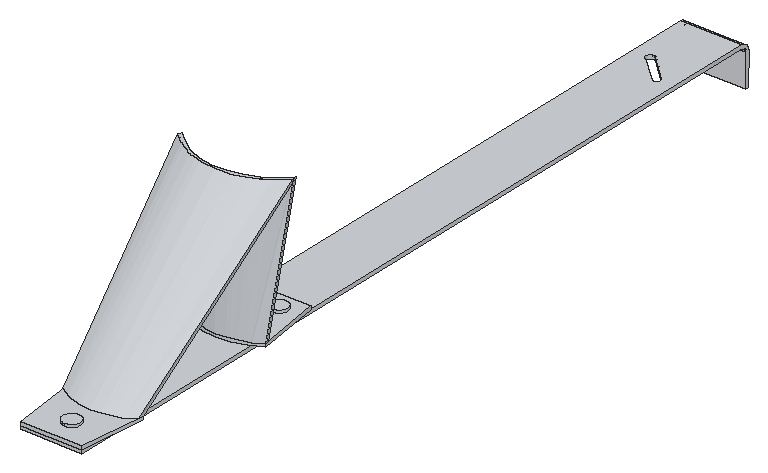
Revit family "Construction_Roof-Accessories_TRA-Snow-Sun_Snow-Bracket-A-Apex", category Specialty Equipment, host Face, Revit 2026
Family settings
  Host = Face
  Round Connector Dimension = Use Diameter
  Part Type = Normal
  Classification Number = 23.35.20.31.27.14
  Enable Cutting in Views = No
  Cut with Voids When Loaded = No
  Maintain Annotation Orientation = No
  Shared = No
  Room Calculation Point = No
Parameters (values of type "Snow Bracket A Apex")
  z_One [instance] = not(z_Array)  # yes
  z_Number of Сlamps Real [instance] = rounddown(z_Length / z_Horizontal Spacing + 1)  # 1
  z_Number of Сlamps [instance] = if(z_Length / z_Horizontal Spacing + 1 < 2, 2, rounddown(z_Length / z_Horizontal Spacing + 1))  # 2
  z_Length [instance] = if(Overall Length < 0.00", 0.00", Overall Length)  # 0.00"
  z_Installation Offset = if(Installation Offset < 0.00", 0.00", Installation Offset)  # 0.00"
  z_Horizontal Spacing [instance] = if(Horizontal Spacing < 2.50", 2.50", Horizontal Spacing)  # 2.50"
  z_Array [instance] = if(z_Number of Сlamps Real < 2, 1 = 2, 1 = 1)  # no
  Width = 2.25"  # constant formula
  Weight = 0.63 lbf  # constant formula
  Version = 1
  URL = "https://trasnowandsun.com/"
  Product data url = "https://bimobject.com/tra-snow-and-sun/product/snow-bracket-a-apex"
  Product Page URL = "https://trasnowandsun.com/product/snow-bracket-a-apex/"
  Product Documentation Link = "https://trasnowandsun.com/wp-content/uploads/Snow_Bracket_A_Apex_PDS-1.pdf"
  Overall Length Note [instance] = "To show a single Bracket in the Row, please set Overall Length less than Horizontal Spacing"  # constant formula
  Overall Length [instance] = 0.00"
  Number of Сlamps [instance] = if(Overall Length < Horizontal Spacing, 1, if(and(z_Length > z_Horizontal Spacing, z_Length < z_Horizontal Spacing * 2), 2, z_Number of Сlamps))  # 2
  Model = "Snow Bracket A Apex"
  Material Type Selection [instance] = 1
  Material Type [instance] = if(or(Material Type Selection < 1, Material Type Selection > 3), "Please Select integer between 1-3", if(Material Type Selection = 1, "Zinc Coated Steel: 16 ga (ASTM A653)", if(Material Type Selection = 2, "Copper: 48 oz (ASTM B152)", if(Material Type Selection = 3, "Stainless Steel: 16 ga (ASTM A240)", "Zinc Coated Steel: 16 ga (ASTM A653)"))))  # "Zinc Coated Steel: 16 ga (ASTM A653)"
  Material Note [instance] = "Pure metal as well as powder color coatings are available. When you choose Pure Metal as a finish, please make sure you match the selected material under the Material Type Selection parameter."  # constant formula
  Manufacturer = "TRA Snow & Sun"
  Length = 16.27"  # constant formula
  Installation Offset = 0.00"
  Horizontal Spacing [instance] = 0.00"
  Height = 3.74"  # constant formula
  Finish Material [instance] = TRA Snow & Sun - Finish - Zinc Plated Steel
  Description = "Snow Bracket A Apex - Used on: New construction concrete tiles which are installed using horizontal battens. Specifically – Eagle, Boral, Hanson, and other similar tiles"  # constant formula
  Default Elevation = 48.00"
  Date Updated = ""
  Date Created = "2024/05/17"
Reference planes (in)
  plane 1 "Center (Front/Back)": y = 0
  plane 2: z = 0
  plane 3 "Center (Left/Right)": x = 0
  plane 4: x = 0
  plane 5: x = 2.5
  plane 6 "1": z = 0
Dimensions and locks (in)
  "Overall Length": plane 3 "Center (Left/Right)" to plane 4
  "z_Horizontal Spacing": plane 3 "Center (Left/Right)" to plane 5
  group 1 to group 2 = 2.50"
  group 1 to group 2 = 0.00"  (x2)
  "z_Installation Offset": plane 6 "1" to level
  aligned and locked: plane 2 to host face
  aligned and locked: level to host face
  aligned and locked: plane 3 "Center (Left/Right)" to nested 1
  aligned and locked: plane 3 "Center (Left/Right)" to nested 2
  aligned and locked: nested 3 to plane 5
Automatic sketch dimensions
  host sketch curve to host sketch curve = 62.6937"
  host sketch curve to host sketch curve = 52.30486"
Nested families (in)
  nested 1: "Snow Bracket A Apex" at (0, -8.071, 0), visible <- "z_One", type "Snow Bracket A Apex"
  nested 2: "Snow Bracket A Apex" at (0, -8.071, 0), visible <- "z_Array", type "Snow Bracket A Apex"
  nested 3: "Snow Bracket A Apex" at (2.5, -8.071, 0), visible <- "z_Array", type "Snow Bracket A Apex"
Definition of nested family "Snow Bracket A Apex"
  Parameters (values of type "Snow Bracket A Apex")
    Width = 2.25"
    Length = 16.27"
    Height = 3.74"
    Finish Material = none
    Default Elevation = 48.00"
  Reference planes (in)
    plane 1 "Center (Front/Back)": y = 0
    plane 2: z = 0
    plane 3 "Center (Left/Right)": x = 0
    plane 4: x = -1.125
    plane 5: x = 1.125
    plane 6: y = 8.135
    plane 7: y = -8.135
    plane 8: z = 3
  Forms (in)
    Extrusion 1, solid
      sketch origin (0, 0, 0) x (1, 0, 0) y (0, 1, 0)
        loop
          line (-48, 48) -> (-48, -48) -> (48, -48) -> (48, 48) -> (-48, 48)
      from 0 to -12
    Extrusion 2, solid, material <- "Finish Material", detail levels medium+fine
      sketch origin (0, 0, 0) x (0, 1, 0) y (0, 0, 1)
        loop
          line (-8.135, 0) -> (7.97912, 0)
          arc (7.97912, 0) -> (8.04409, -0.02691) -> (8.071, -0.09188) r 0.09188
          line (8.071, -0.09188) -> (8.071, -0.74) -> (8.135, -0.74) -> (8.135, -0.086)
          arc (8.135, -0.086) -> (8.09107, 0.02007) -> (7.985, 0.064) r 0.15
          line (7.985, 0.064) -> (-8.135, 0.064) -> (-8.135, 0)
      from -0.6 to 0.6
    Extrusion 3, solid, material <- "Finish Material", detail levels medium+fine
      sketch origin (0, 8.135, 0.064) x (0, -1, 0) y (1, 0, 0)
        loop
          line (16.27, -0.6) -> (16.27, 0.6) -> (14.97672, 0.75059)
          arc (14.97672, 0.75059) -> (15.23298, -0.00184) -> (14.9688, -0.75152) r 1.214
          line (14.9688, -0.75152) -> (16.27, -0.6)
        loop
          line (10.68, -0.60422) -> (12.03059, -0.79403)
          arc (12.03059, -0.79403) -> (12.25161, 0) -> (12.03059, 0.79403) r 1.5368
          line (12.03059, 0.79403) -> (10.68, 0.60422) -> (10.68, -0.60422)
      from 0 to 0.06
    Extrusion 4, void
      sketch origin (0, 0, 0) x (1, 0, 0) y (0, 1, 0)
        loop
          arc (0.19382, 6.2857) -> (0.30802, 6.28678) -> (0.30479, 6.40093) r 0.08
          line (0.30479, 6.40093) -> (-0.19382, 6.86332)
          arc (-0.19382, 6.86332) -> (-0.30802, 6.86225) -> (-0.30479, 6.74809) r 0.08
          line (-0.30479, 6.74809) -> (0.19382, 6.2857)
      from 0 to 0.06
    Blend 5, solid, material <- "Finish Material", detail levels medium+fine
      base sketch origin (0, 8.135, 0.064) x (0, -1, 0) y (1, 0, 0)
        loop
          line (11.96575, -0.78492) -> (12.03059, -0.79403)
          arc (12.03059, -0.79403) -> (12.25161, 0) -> (12.03059, 0.79403) r 1.5368
          line (12.03059, 0.79403) -> (11.96575, 0.78492)
          arc (11.96575, 0.78492) -> (12.19161, 0) -> (11.96575, -0.78492) r 1.4768
      top sketch origin (0, 8.135, 0.064) x (0, -1, 0) y (1, 0, 0)
        loop
          arc (11.76181, -1.12496) -> (12.25161, -0.00002) -> (11.76184, 1.12494) r 1.5368
          line (11.76184, 1.12494) -> (11.68427, 1.11404)
          arc (11.68427, 1.11404) -> (12.19161, -0.00002) -> (11.68424, -1.11406) r 1.4768
          line (11.68424, -1.11406) -> (11.76181, -1.12496)
      from 0.06 to 2.936
    Blend 6, solid, material <- "Finish Material", detail levels medium+fine
      base sketch origin (0, 0, 0) x (1, 0, 0) y (0, 1, 0)
        loop
          arc (0.75059, -6.84172) -> (-0.00184, -7.09798) -> (-0.75152, -6.8338) r 1.214
          line (-0.75152, -6.8338) -> (-0.7419, -6.9164)
          arc (-0.7419, -6.9164) -> (-0.00156, -7.15798) -> (0.74106, -6.92354) r 1.274
          line (0.74106, -6.92354) -> (0.75059, -6.84172)
      top sketch origin (0, 0, 0) x (1, 0, 0) y (0, 1, 0)
        loop
          arc (-1.12496, -3.62681) -> (-0.00002, -4.11661) -> (1.12494, -3.62684) r 1.5368
          line (1.12494, -3.62684) -> (1.11404, -3.54927)
          arc (1.11404, -3.54927) -> (-0.00002, -4.05661) -> (-1.11406, -3.54924) r 1.4768
          line (-1.11406, -3.54924) -> (-1.12496, -3.62681)
      from 0.124 to 3
    Extrusion 7, solid, material <- "Finish Material", detail levels fine
      sketch origin (0, 8.135, 0.124) x (0, -1, 0) y (1, 0, 0)
        loop
          circle (15.76148, 0) r 0.17221
        loop
          circle (11.54127, -0.25498) r 0.17181
        loop
          circle (11.01384, 0.25223) r 0.16679
      from 0 to 0.04
    Extrusion 8, solid, material <- "Finish Material", detail levels coarse
      sketch origin (0, 0, 0) x (0, 1, 0) y (0, 0, 1)
        loop
          line (8.135, -0.74) -> (8.135, 0.164) -> (-3.54927, 0.164) -> (-3.54927, 3) -> (-4.11661, 3) -> (-7.11447, 0.164) -> (-8.135, 0.164) -> (-8.135, 0) -> (8.071, 0) -> (8.071, -0.74) -> (8.135, -0.74)
      from -1.125 to 1.125
  Cuts and joins
    Extrusion 4 cuts Extrusion 2
    joined: Blend 5, Blend 6
  Lines and regions (in)
    Masking region 1, detail levels medium+fine
      outline origin (0, 0, 0) x (1, 0, 0) y (0, 1, 0)
        loop
          line (-0.6, 8.135) -> (-0.6, -2.515) -> (-0.78492, -3.83075)
          arc (-0.78492, -3.83075) -> (-0.95987, -3.70213) -> (-1.11406, -3.54924) r 1.4768
          line (-1.11406, -3.54924) -> (-1.12496, -3.62681) -> (-0.6, -8.135) -> (0.6, -8.135) -> (1.12494, -3.62684) -> (1.11404, -3.54927)
          arc (1.11404, -3.54927) -> (0.95985, -3.70214) -> (0.78492, -3.83075) r 1.4768
          line (0.78492, -3.83075) -> (0.6, -2.515) -> (0.6, 8.135) -> (-0.6, 8.135)
        loop
          arc (-0.19382, 6.86332) -> (-0.30802, 6.86225) -> (-0.30479, 6.74809) r 0.08
          line (-0.30479, 6.74809) -> (0.19382, 6.2857)
          arc (0.19382, 6.2857) -> (0.30802, 6.28678) -> (0.30479, 6.40093) r 0.08
          line (0.30479, 6.40093) -> (-0.19382, 6.86332)
    Masking region 2, detail levels fine
      outline origin (0, 0, 0) x (1, 0, 0) y (0, 1, 0)
        loop
          circle (0, -7.62648) r 0.17221
        loop
          circle (0.25223, -2.87884) r 0.16679
        loop
          circle (-0.25498, -3.40627) r 0.17181
    Masking region 3, detail levels coarse
      outline origin (0, 0, 0) x (1, 0, 0) y (0, 1, 0)
        loop
          line (-1.125, 8.135) -> (-1.125, -8.135) -> (1.125, -8.135) -> (1.125, 8.135) -> (-1.125, 8.135)
    symbolic lines, detail levels medium+fine
      curve 1: arc (0.75059, -6.84172, 0) -> (-0.00184, -7.09798, 0) -> (-0.75152, -6.8338, 0) r 1.214
      curve 2: line (0.60422, -2.545, 0) -> (-0.60422, -2.545, 0)
      curve 3: arc (-1.12496, -3.62681, 0) -> (-0.00002, -4.11661, 0) -> (1.12494, -3.62684, 0) r 1.5368
      curve 4: arc (-0.78492, -3.83075, 0) -> (0, -4.05661, 0) -> (0.78492, -3.83075, 0) r 1.4768
      curve 5: line (-0.6, 8.071, 0) -> (0.6, 8.071, 0)
    symbolic lines, detail levels coarse
      curve 6: line (-1.125, -7.11447, 0) -> (1.125, -7.11447, 0)
      curve 7: line (-1.125, -4.11661, 0) -> (1.125, -4.11661, 0)
      curve 8: line (-1.125, -3.50121, 0) -> (1.125, -3.50121, 0)
  Dimensions and locks (in)
    equal spacing: plane 4, plane 3 "Center (Left/Right)", plane 5
    equal spacing: plane 6, plane 1 "Center (Front/Back)", plane 7
    "Length": plane 6 to plane 7
    "Width": plane 4 to plane 5
    locked: plane 8 to level at 3
    aligned and locked: plane 2 to Extrusion 1
    aligned and locked: level to Extrusion 1
    aligned and locked: plane 7 to Extrusion 2 sketch curve
  Automatic sketch dimensions
    Extrusion 1 sketch curve to Extrusion 1 sketch curve = 96.00"  (x2)
    Extrusion 4 sketch curve to plane 3 "Center (Left/Right)" = 0.19382"
    Extrusion 4 sketch curve to Extrusion 4 sketch curve = 0.05657"  (x3)
    Extrusion 4 sketch curve to Extrusion 4 sketch curve = 0.0544"  (x2)
    plane 3 "Center (Left/Right)" to Extrusion 4 sketch curve = 0.19382"
    Extrusion 4 sketch curve to plane 6 = 1.8493"
    Extrusion 4 sketch curve to Extrusion 4 sketch curve = 0.05866"
    Extrusion 4 sketch curve to Extrusion 4 sketch curve = 0.46239"
    Extrusion 2 sketch curve to level = 0.00"
    Extrusion 2 sketch curve to plane 6 = 0.00"
    Extrusion 2 sketch curve to plane 6 = 0.15588"
    Extrusion 2 sketch curve to Extrusion 2 sketch curve = 0.00588"  (x2)
    Extrusion 2 sketch curve to plane 6 = 0.064"
    Extrusion 2 sketch curve to Extrusion 2 sketch curve = 0.64812"
    Blend 5 sketch curve to Blend 5 sketch curve = 0.00"  (x4)
    Extrusion 2 to Blend 5 sketch curve = 0.60"  (x2)
    Blend 5 sketch curve to Extrusion 2 = 5.55519"  (x2)
    Blend 5 sketch curve to Extrusion 2 = 0.18492"  (x2)
    Blend 5 sketch curve to Blend 5 sketch curve = 1.25093"
    Blend 5 sketch curve to Extrusion 2 = 0.19403"  (x2)
    Blend 5 sketch curve to Blend 5 sketch curve = 0.06484"
    plane 3 "Center (Left/Right)" to Blend 6 sketch curve = 0.00457"
    Blend 6 sketch curve to plane 5 = 0.37441"
    plane 4 to Blend 6 sketch curve = 0.37348"
    Blend 6 sketch curve to plane 3 "Center (Left/Right)" = 0.00"
    plane 4 to Blend 6 sketch curve = 0.01094"
    plane 4 to Blend 6 sketch curve = 0.00004"
    plane 1 "Center (Front/Back)" to Blend 6 sketch curve = 3.62681"
    Blend 6 sketch curve to Blend 6 sketch curve = 0.07757"  (x2)
    Blend 6 sketch curve to Blend 6 sketch curve = 0.96943"
    Blend 6 sketch curve to plane 5 = 0.00006"
    Blend 6 sketch curve to plane 5 = 0.01096"
    Blend 6 sketch curve to Blend 6 sketch curve = 0.00"  (x3)
    Blend 5 sketch curve to Extrusion 2 = 0.51406"
    Blend 5 sketch curve to Extrusion 2 = 0.51404"
    Blend 5 sketch curve to Extrusion 2 = 0.52496"
    Blend 5 sketch curve to Blend 5 sketch curve = 0.07757"
    Blend 5 sketch curve to Extrusion 2 = 0.52494"
    Blend 5 sketch curve to Blend 5 sketch curve = 0.96943"
    Blend 6 sketch curve to Blend 6 sketch curve = 0.00962"
    Blend 6 sketch curve to Blend 6 sketch curve = 0.00953"
    plane 7 to Blend 6 sketch curve = 1.2186"
    Blend 6 sketch curve to Blend 6 sketch curve = 0.08181"
    Blend 6 sketch curve to Blend 6 sketch curve = 0.0826"
    Extrusion 3 sketch curve to Extrusion 2 = 0.00422"  (x2)
    Extrusion 3 sketch curve to Extrusion 2 = 0.00"  (x3)
    Extrusion 3 sketch curve to Extrusion 2 = 0.15059"
    Extrusion 3 sketch curve to Extrusion 2 = 1.29328"
    Extrusion 3 sketch curve to Extrusion 2 = 0.15152"
    Extrusion 3 sketch curve to Extrusion 2 = 1.3012"
    Extrusion 2 to Extrusion 3 sketch curve = 0.59543"
    Extrusion 3 sketch curve to Extrusion 2 = 0.19403"  (x2)
    Extrusion 3 sketch curve to Extrusion 3 sketch curve = 1.98841"
    Extrusion 3 sketch curve to Extrusion 3 sketch curve = 0.00"
    Extrusion 3 sketch curve to Extrusion 3 sketch curve = 1.35059"
    Extrusion 2 to Extrusion 3 sketch curve = 0.60"
    Extrusion 7 sketch curve to Extrusion 3 = 0.33384"
    Extrusion 7 sketch curve to Extrusion 7 sketch curve = 0.52743"
    Extrusion 7 sketch curve to Extrusion 3 = 0.50852"
    Extrusion 7 sketch curve to Extrusion 3 = 0.4657"
    Extrusion 7 sketch curve to Extrusion 7 sketch curve = 0.25498"
    Extrusion 7 sketch curve to Extrusion 7 sketch curve = 0.50721"
    Extrusion 8 sketch curve to plane 7 = 0.00"
    Extrusion 8 sketch curve to plane 8 = 0.00"
    Extrusion 8 sketch curve to level = 0.00"
    Extrusion 8 sketch curve to plane 6 = 0.00"
    level to Extrusion 8 sketch curve = 0.164"  (x2)
    Extrusion 8 sketch curve to Extrusion 8 sketch curve = 1.02053"
    plane 7 to Extrusion 8 sketch curve = 4.01839"
    Extrusion 8 sketch curve to Extrusion 8 sketch curve = 0.56734"
    Extrusion 8 sketch curve to plane 6 = 0.064"
    Extrusion 8 sketch curve to level = 0.74"
    Masking region 1 sketch curve to plane 7 = 0.00"
    Masking region 1 sketch curve to plane 6 = 0.00"
    Masking region 1 sketch curve to plane 3 "Center (Left/Right)" = 0.00"
    Masking region 1 sketch curve to plane 3 "Center (Left/Right)" = 0.19382"
    Masking region 1 sketch curve to Masking region 1 sketch curve = 0.05657"  (x3)
    Masking region 1 sketch curve to Masking region 1 sketch curve = 0.0544"  (x2)
    plane 4 to Masking region 1 sketch curve = 0.525"  (x2)
    plane 4 to Masking region 1 sketch curve = 0.01094"
    plane 4 to Masking region 1 sketch curve = 0.00004"
    plane 3 "Center (Left/Right)" to Masking region 1 sketch curve = 0.19382"
    Masking region 1 sketch curve to plane 5 = 0.525"  (x2)
    Masking region 1 sketch curve to plane 5 = 0.01096"
    plane 1 "Center (Front/Back)" to Masking region 1 sketch curve = 3.62681"
    Masking region 1 sketch curve to Masking region 1 sketch curve = 0.07754"
    Masking region 1 sketch curve to Masking region 1 sketch curve = 0.06481"  (x2)
    Masking region 1 sketch curve to plane 6 = 1.8493"
    Masking region 1 sketch curve to Masking region 1 sketch curve = 0.46239"
    Masking region 1 sketch curve to Masking region 1 sketch curve = 0.05866"
    plane 4 to Masking region 1 sketch curve = 0.34008"
    Masking region 1 sketch curve to plane 5 = 0.00006"
    Masking region 1 sketch curve to Masking region 1 sketch curve = 0.00"  (x3)
    Masking region 1 sketch curve to Masking region 1 sketch curve = 0.20391"
    Masking region 1 sketch curve to Masking region 1 sketch curve = 0.07757"  (x2)
    Masking region 2 sketch curve to plane 3 "Center (Left/Right)" = 0.00"
    plane 7 to Masking region 2 sketch curve = 0.50852"
    Masking region 2 sketch curve to Masking region 2 sketch curve = 0.17221"
    plane 3 "Center (Left/Right)" to Masking region 2 sketch curve = 0.25223"
    plane 1 "Center (Front/Back)" to Masking region 2 sketch curve = 2.87884"
    Masking region 2 sketch curve to Masking region 2 sketch curve = 0.16679"
    Masking region 2 sketch curve to Masking region 2 sketch curve = 0.00"  (x2)
    Masking region 2 sketch curve to plane 3 "Center (Left/Right)" = 0.25498"
    Masking region 2 sketch curve to Masking region 2 sketch curve = 0.36064"
    Masking region 2 sketch curve to Masking region 2 sketch curve = 0.17181"
    Masking region 3 sketch curve to plane 4 = 0.00"
    Masking region 3 sketch curve to plane 5 = 0.00"
    Masking region 3 sketch curve to plane 7 = 0.00"
    Masking region 3 sketch curve to plane 6 = 0.00"
    curve 3 to curve 4 = 0.00"  (x2)
    curve 8 to plane 4 = 0.00"
    curve 6 to plane 4 = 0.00"
    curve 7 to plane 4 = 0.00"
    curve 3 to plane 3 "Center (Left/Right)" = 0.00"
    curve 7 to plane 5 = 0.00"
    curve 8 to plane 5 = 0.00"
    curve 6 to plane 5 = 0.00"
    plane 3 "Center (Left/Right)" to curve 1 = 0.00457"
    plane 7 to curve 1 = 2.251"
    plane 1 "Center (Front/Back)" to curve 3 = 2.57981"
    plane 4 to curve 3 = 0.00004"
    plane 4 to curve 4 = 0.34008"
    plane 4 to curve 1 = 0.37348"
    plane 4 to curve 2 = 0.52078"
    curve 5 to plane 6 = 0.064"
    plane 4 to curve 5 = 0.525"
    curve 5 to plane 5 = 0.525"
    curve 2 to plane 5 = 0.52078"
    curve 1 to plane 5 = 0.37441"
    curve 4 to plane 5 = 0.34008"
    curve 3 to plane 5 = 0.00006"
    curve 1 to curve 1 = 0.9498"
    curve 6 to curve 1 = 0.27274"
    curve 7 to curve 4 = 1.5368"
    curve 7 to curve 4 = 0.28586"
    curve 4 to curve 3 = 0.20391"
    curve 3 to curve 8 = 0.1256"
    curve 3 to curve 2 = 0.03481"
    radius of Extrusion 7 sketch curve = 0.17221"
    radius of Extrusion 7 sketch curve = 0.17181"
    radius of Extrusion 7 sketch curve = 0.16679"
